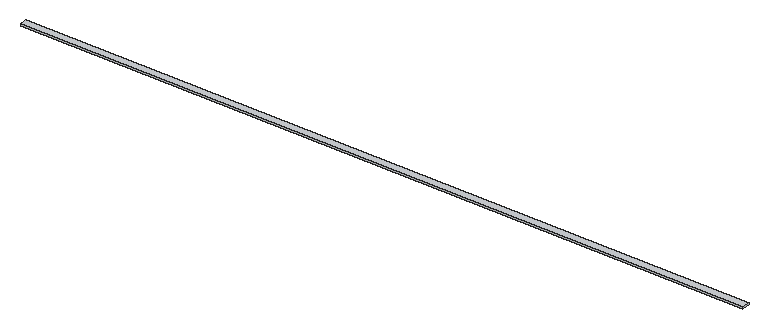
Revit family "ECOBRILLOSA 2216 IP20_S242210.W.1", category Luminarias, Revit 2019
Family settings
  Cota de conector redondo = Diámetro de uso
  Tipo de pieza = Normal
  Se basa en plano de trabajo = Sí
  Siempre vertical = No
  Corte con vacíos al cargar = No
  Origen de luz = Sí
  Compartido = No
  Punto de cálculo de habitación = No
Parameters (values of type "ECOBRILLOSA 2216 IP20_S242210.W.1")
  Tilt Angle = 60.00°
  Zone [instance] = ""
  Watt per fixture [instance] = (Longitud / 1000 mm) * (14.4)  # 14.4
  Wattage = 14.4 W
  built-in parameter 1150107 = 3000 (stored number, unit not read)
  built-in parameter 1150110 = 1 (stored number, unit not read)
  built-in parameter 1150109 = 1 (stored number, unit not read)
  built-in parameter 1150112 = 1 (stored number, unit not read)
  built-in parameter 1150113 = 1 (stored number, unit not read)
  built-in parameter 1114218 = 1 (stored number, unit not read)
  built-in parameter 1150137 = (empty or 0)
  built-in parameter 1150132 = (empty or 0)
  Modelo Lampara = "2216 SMD"
  Modelo = "S242210.W.1"
  Marca = "BRILLANT"
  Longitud de línea de emisión = 600 mm
  Longitud [instance] = 1000 mm
  built-in parameter 1150105 = 450.4 (stored number, unit not read)
  built-in parameter 1150102 = (empty or 0)
  built-in parameter 1150106 = 4.504 (stored number, unit not read)
  Lumens = 1368 lm
  Color Filter = 16777215
  built-in parameter 1114217 = 1 (stored number, unit not read)
  built-in parameter 1150139 = (empty or 0)
  Fabricante = "BRILLANT"
  Default Elevation = 0 mm
  built-in parameter 1150104 = 8.8258 (stored number, unit not read)
  Descripción = "TIRA ECOBRILLOSA 2216 MONOCROMATICA DE PCB BLANCO MONTADA EN UNA CINTA ADHERIBLE 3M CON UNA POTENCIA DE 14.4W/M DE UN TIPO DE LED 2216 SMD, USO PARA INTERIORES IP20, IRC 90, TEMPERATURA EN BLANCO CALIDO 3000K, 1368 LUMENES/M, PRESENTACION DE 5M, CORTE 3.3CM, ALIMENTADO A 24V, REQUIERE ACCESORIOS."
  built-in parameter 1150115 = 1 (stored number, unit not read)
  built-in parameter 1150114 = 1 (stored number, unit not read)
  Comentarios de vataje = "24"
  built-in parameter 1150138 = (empty or 0)
  built-in parameter 1150134 = (empty or 0)
  Circuit [instance] = ""
  Dimming Lamp Color Temperature Shift = (empty or 0)
  Archivo de red fotométrica = "S242210.W.1.IES"
  built-in parameter 1150133 = 10 (stored number, unit not read)
Reference planes
  plane 1 "Centro (Frontal/Posterior)": y = 0
  plane 2: z = 0
  plane 3 "Centro (Izquierda/Derecha)": x = 0
  plane 4 "IZQ": x = -407.821
  plane 5: x = 592.179
  plane 6: z = 2.139
  plane 7 "DER": x = 592.179
Forms (mm)
  Extrusion 1, solid
    sketch origin (0, 0, 0) x (1, 0, 0) y (0, 1, 0)
      loop
        line (-407.821, 5) -> (-407.821, -5) -> (592.179, -5) -> (592.179, 5) -> (-407.821, 5)
    from 0 to 2.139
Dimensions and locks
  plane 6 to imposter light = 2.139 mm
  "Longitud": plane 4 "IZQ" to plane 7 "DER"
  aligned and locked: level to plane 2
  aligned and locked: plane 4 "IZQ" to Extrusion 1
  aligned and locked: Extrusion 1 to plane 5
  aligned and locked: plane 6 to Extrusion 1
  aligned and locked: plane 7 "DER" to Extrusion 1
Connectors
  electrical at (592.179, 0, 1.07)
    settings: on Extrusion 1, index 1, voltage 24 V, apparent load 0 VA, apparent load phase1 0 VA, apparent load phase2 0 VA, apparent load phase3 0 VA, power factor 1, load classification "Otro", number of poles 1, system type 31, power factor state 1, is connector primary yes, connector utility no, sub classification motor no, connector description ""
